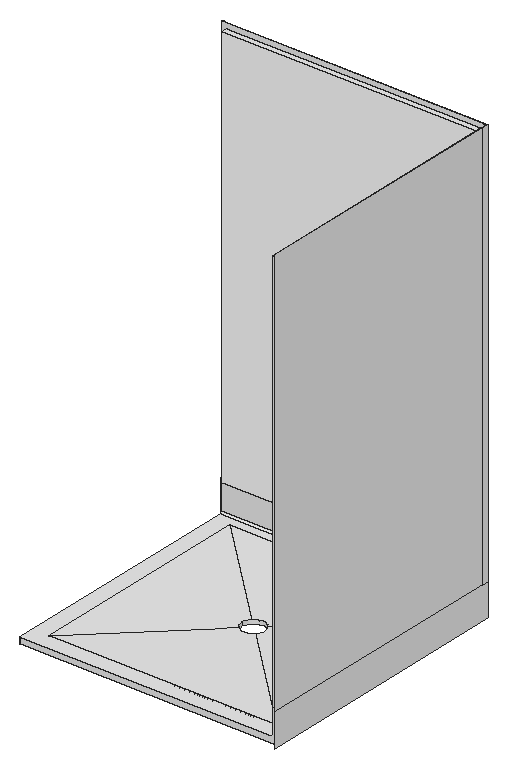
Revit family "3LBSC4848FB1T,2T,1B,2B", category Plumbing Fixtures, Revit 2019
Family settings
  Round Connector Dimension = Use Diameter
  Part Type = Normal
  OmniClass Number = 23.45.05.14.17
  OmniClass Title = Showers
  Work Plane-Based = No
  Always vertical = Yes
  Cut with Voids When Loaded = No
  Shared = No
  Room Calculation Point = No
Parameters (values of type "3LBSC4848FB1T")
  Unit Width = 38 1/4"
  Unit Height = 81 1/2"
  Unit Depth = 49"
  URL = "http://www.bestbath.com/"
  Type Comments = "ADA Compliant"
  Threshold Height = 1"
  Model = "3LBSC4848FB1T"
  Material [instance] = Best Bath Classic Tile
  Manufacturer = "best bath"
  Keynote = "22 40 00.B3"
  Description = "Classic Tile, Traditional Bull Nose Threshold"
  Assembly Code = "D2010710"
Types (5): name | Unit Height | URL | Threshold Height | Model | Manufacturer | Description
  (no name) | 81 1/2" | "http://www.bestbath.com/" | 1" | "3LBSC4848FB1T" | "best bath" | "Classic Tile, Traditional Bull Nose Threshold"
  3LBSC4848FB1T | 81 1/2" | "http://www.bestbath.com/" | 1" | "3LBSC4848FB1T" | "best bath" | "Classic Tile, Traditional Bull Nose Threshold"
  3LBSC4848FB2T | 82 1/2" | "http://www.best-bath.com/" | 2" | "3LBSC4848FB2T" | "Best Bath Systems, Inc." | "Classic Tile, Traditional Bull Nose Threshold"
  3LBSC4848FB2B | 82 1/2" | "http://www.best-bath.com/" | 2" | "3LBSC4848FB2B" | "Best Bath Systems, Inc." | "Classic Tile, Beveled Threshold"
  3LBSC4848FB1B | 81 1/2" | "http://www.bestbath.com/" | 1" | "3LBSC4848FB1B" | "best bath" | "Classic Tile, Beveled Threshold"
Reference planes (in)
  plane 1: z = 0
  plane 2 "Left": x = 0
  plane 3: z = 80.5
  plane 4: z = 1
  plane 5: z = 81.5
  plane 6: z = 6
  plane 7: y = -10.88835
  plane 8: y = 37.11165
  plane 9: x = 48
  plane 10: y = 35.86165
  plane 11: y = 13.11165
  plane 12: x = 24
  plane 13: z = 0.625
  plane 14: y = -11.88835
  plane 15: x = -1
Forms (in)
  Extrusion 1, solid, material "Best Bath Smoothwall"
    sketch origin (0, 0, 0) x (1, 0, 0) y (0, 1, 0)
      loop
        line (0.25, -10.88835) -> (48, -10.88835) -> (48, 37.11165) -> (0, 37.11165) -> (0, -10.63835)
        arc (0, -10.63835) -> (0.07322, -10.81513) -> (0.25, -10.88835) r 0.25
      loop
        circle (24, 13.11165) r 2.125
    from 0 to 1
  Extrusion 2, solid, material "Best Bath Smoothwall"
    sketch origin (0, 0, 0) x (1, 0, 0) y (0, 1, 0)
      loop
        line (48, 37.11165) -> (0, 37.11165) -> (0, 35.86165) -> (45.75, 35.86165)
        arc (45.75, 35.86165) -> (46.45711, 35.56875) -> (46.75, 34.86165) r 1
        line (46.75, 34.86165) -> (46.75, -10.88835) -> (48, -10.88835) -> (48, 37.11165)
    from 0 to 6
  Blend 3, void
    base sketch origin (0, 0, 0) x (1, 0, 0) y (0, 1, 0)
      loop
        line (3, -7.88835) -> (45, -7.88835) -> (45, 33.86165) -> (3, 33.86165) -> (3, -7.88835)
    top sketch origin (0, 0, 0) x (1, 0, 0) y (0, 1, 0)
      loop
        circle (24, 13.11165) r 0.06715
    from 1 to 0.625
  Extrusion 4, solid, material "Best Bath Smoothwall"
    sketch origin (0, 0, 0) x (1, 0, 0) y (0, 1, 0)
      loop
        line (47.875, -10.88835) -> (47.875, 32.88543) -> (47.875, 36.98665) -> (46.75, 36.98665) -> (46.75, -10.88835) -> (47.875, -10.88835)
    from 6 to 80.5
  Extrusion 5, solid, material "Best Bath Smoothwall"
    sketch origin (0, 0, 0) x (1, 0, 0) y (0, 1, 0)
      loop
        line (48, -10.88835) -> (47.875, -10.88835) -> (47.875, -11.88835) -> (48, -11.88835) -> (48, -10.88835)
      loop
        line (0, 37.11165) -> (-1, 37.11165) -> (-1, 36.86165) -> (0, 36.86165) -> (0, 37.11165)
    from 0 to 6
  Extrusion 6, solid, material "Best Bath Smoothwall"
    sketch origin (0, 0, 0) x (1, 0, 0) y (0, 1, 0)
      loop
        line (48, -11.88835) -> (48, 35.86165) -> (47.875, 35.86165) -> (47.875, -11.88835) -> (48, -11.88835)
    from 6 to 81.5
  Extrusion 7, solid, material "Best Bath Smoothwall"
    sketch origin (0, 0, 0) x (1, 0, 0) y (0, 1, 0)
      loop
        line (48, 37.11165) -> (-1, 37.11165) -> (-1, 36.98665) -> (47.875, 36.98665) -> (47.875, 35.86165) -> (48, 35.86165) -> (48, 37.11165)
    from 6 to 81.5
  Extrusion 8, solid, material "Best Bath Smoothwall"
    sketch origin (0, 0, 0) x (1, 0, 0) y (0, 1, 0)
      loop
        line (46.75, 37.11165) -> (0, 37.11165) -> (0, 35.86165) -> (46.75, 35.86165) -> (46.75, 37.11165)
    from 6 to 80.5
  Sweep 9, solid, material "Best Bath Smoothwall"
    path origin (0, 0, 0) x (1, 0, 0) y (0, 1, 0)
      loop
        line (0, 35.86165) -> (45.75, 35.86165)
        arc (45.75, 35.86165) -> (46.45711, 35.56875) -> (46.75, 34.86165) r 1
        line (46.75, 34.86165) -> (46.75, -10.88835)
    profile origin (22.875, 35.86165, 0) x (0, 1, 0) y (0, 0, 1)
      loop
        line (0, 1) -> (0, 1.375)
        arc (0, 1.375) -> (-0.10983, 1.10983) -> (-0.375, 1) r 0.375
        line (-0.375, 1) -> (0, 1)
Cuts and joins
  Blend 3 cuts Extrusion 1
  Blend 3 cuts Extrusion 2
  joined: Extrusion 1, Extrusion 2, Extrusion 5, Sweep 9
  joined: Extrusion 4, Extrusion 6
  joined: Extrusion 7, Extrusion 8
Dimensions and locks (in)
  "Threshold Height": plane 4 to level
  locked: plane 5 to plane 3 at 1
  "Unit Height": plane 5 to level
  locked: plane 6 to plane 4 at 5
  equal spacing: plane 2 "Left", plane 12, plane 9
  plane 2 "Left" to plane 9 = 48"
  locked: plane 8 to plane 10 at 1.25
  locked: plane 8 to plane 11 at 24
  locked: Extrusion 2 sketch curve to Extrusion 1 at 1.25
  locked: plane 4 to plane 13 at 0.375
  locked: plane 7 to plane 14 at 1
  "Unit Depth": plane 8 to plane 14
  plane 2 "Left" to Extrusion 7 = 48"
  locked: plane 15 to plane 2 "Left" at 1
  plane 2 "Left" to Extrusion 8 = 46 3/4"
  plane 12 to plane 9 = 24"
  plane 10 to plane 7 = 46 3/4"
  plane 2 "Left" to cut or joined group of Extrusion 4, Extrusion 6 = 46 3/4"
  aligned and locked: level to plane 1
  aligned and locked: Extrusion 1 sketch curve to plane 7
  aligned and locked: Extrusion 1 sketch curve to plane 2 "Left"
  aligned and locked: plane 8 to Extrusion 1 sketch curve
  aligned and locked: Extrusion 1 sketch curve to plane 9
  aligned and locked: plane 12 to Extrusion 1 sketch curve
  aligned and locked: plane 11 to Extrusion 1 sketch curve
  aligned and locked: Extrusion 2 sketch curve to Extrusion 1
  aligned and locked: Extrusion 1 to plane 4
  aligned and locked: plane 11 to Blend 3 sketch curve
  aligned and locked: plane 12 to Blend 3 sketch curve
  aligned and locked: Blend 3 to plane 4
  aligned and locked: Blend 3 to plane 13
  aligned and locked: cut or joined group of Extrusion 1, Extrusion 2, Blend 3, Extrusion 5, Sweep 9 to plane 6
  aligned and locked: plane 6 to Extrusion 4
  aligned and locked: plane 3 to Extrusion 4
  aligned and locked: Extrusion 5 to plane 6
  aligned and locked: plane 6 to Extrusion 6
  aligned and locked: plane 5 to Extrusion 6
  aligned and locked: Extrusion 6 sketch curve to plane 10
  aligned and locked: Extrusion 7 to plane 6
  aligned and locked: Extrusion 8 to plane 6
  aligned and locked: plane 3 to Extrusion 8
  aligned and locked: plane 5 to Extrusion 7
  aligned and locked: Extrusion 7 sketch curve to plane 15
  aligned and locked: Sweep 9 sketch curve to cut or joined group of Extrusion 1, Extrusion 2, Blend 3, Extrusion 5, Sweep 9
Automatic sketch dimensions
  Extrusion 6 sketch curve to plane 14 = 0"
  Extrusion 6 sketch curve to plane 9 = 0"
  plane 9 to Extrusion 6 sketch curve = 1/8"
  Extrusion 5 sketch curve to plane 15 = 0"
  Extrusion 5 sketch curve to plane 2 "Left" = 0"
  Extrusion 5 sketch curve to plane 7 = 0"
  Extrusion 5 sketch curve to plane 14 = 0"
  Extrusion 5 sketch curve to plane 9 = 0"
  Extrusion 5 sketch curve to plane 8 = 0"
  plane 9 to Extrusion 5 sketch curve = 1/8"
  Extrusion 5 sketch curve to plane 8 = 1/4"
  plane 2 "Left" to Blend 3 sketch curve = 3"
  Blend 3 sketch curve to plane 10 = 2"
  plane 9 to Blend 3 sketch curve = 3"
  plane 7 to Blend 3 sketch curve = 3"
  Extrusion 2 sketch curve to plane 2 "Left" = 0"
  Extrusion 2 sketch curve to plane 7 = 0"
  Extrusion 2 sketch curve to Extrusion 2 sketch curve = 1"
  Extrusion 2 sketch curve to plane 10 = 0"
  Extrusion 2 sketch curve to plane 8 = 0"
  Extrusion 8 sketch curve to plane 2 "Left" = 0"
  Extrusion 8 sketch curve to plane 10 = 0"
  Extrusion 8 sketch curve to plane 8 = 0"
  plane 9 to Extrusion 8 sketch curve = 1 1/4"
  Extrusion 7 sketch curve to plane 10 = 0"
  Extrusion 7 sketch curve to plane 9 = 0"
  plane 9 to Extrusion 7 sketch curve = 1/8"
  Extrusion 7 sketch curve to plane 8 = 1/8"
  Extrusion 7 sketch curve to plane 8 = 0"
  Extrusion 1 sketch curve to Extrusion 1 sketch curve = 1/4"
  Extrusion 4 sketch curve to plane 7 = 0"
  Extrusion 4 sketch curve to plane 8 = 1/8"
  plane 9 to Extrusion 4 sketch curve = 1 1/4"
  plane 9 to Extrusion 4 sketch curve = 1/8"
  Extrusion 4 sketch curve to plane 10 = 2.97622"
  Sweep 9 sketch curve to plane 2 "Left" = 0"
  Sweep 9 sketch curve to plane 10 = 0"
  Sweep 9 sketch curve to plane 7 = 0"
  Sweep 9 sketch curve to plane 10 = 1"
  plane 9 to Sweep 9 sketch curve = 2 1/4"
  Sweep 9 sketch curve to profile plane = 0"
  Sweep 9 sketch curve to Sweep 9 sketch curve = 3/8"
  radius of Blend 3 sketch curve = 0.06715"
  radius of Extrusion 1 sketch curve = 2 1/8"
